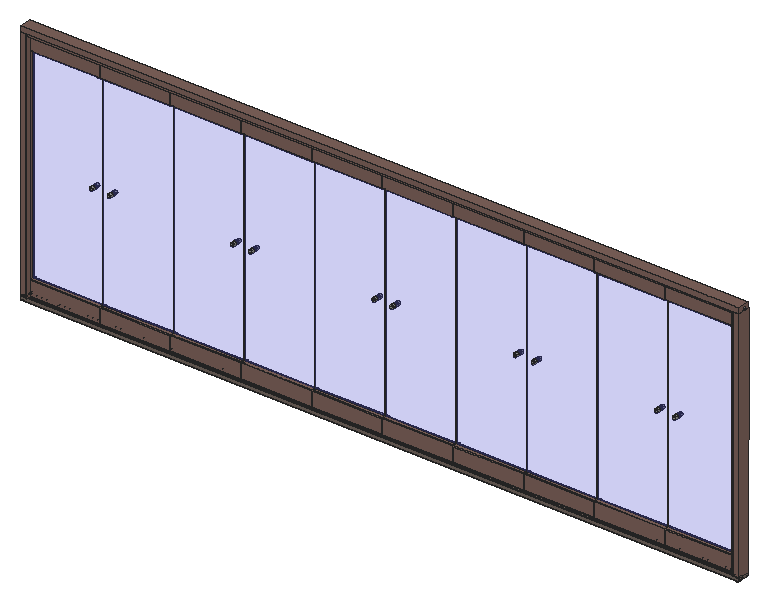
Revit family "FL10L", category Doors, host Wall, Revit 2015
Parameters (values of type "FL10L")
  Function = Interior
  Frame Projection Ext. = 25 mm
  Frame Projection Int. = 25 mm
  Frame Width = 75 mm
  Height = 2100 mm
  Wall Closure = By host
  Width = 6140 mm
Reference planes
  plane 1: y = 0
  plane 2 "Center (Left/Right)": x = 0
  plane 3 "Left": x = -3070
  plane 4 "Right": x = 3070
  plane 5: z = 2100
  plane 6 "Exterior": y = 75
  plane 7 "Interior": y = -75
  plane 8: x = -3025
  plane 9: x = 3025
  plane 10: x = -3018
  plane 11: x = 3018
  plane 12: x = -2418
  plane 13: x = -2414
  plane 14: x = -1814
  plane 15: x = -1810
  plane 16: x = -1210
  plane 17: x = -1206
  plane 18: x = -606
  plane 19: x = -602
  plane 20: x = -2
  plane 21: x = 2
  plane 22: x = 602
  plane 23: x = 606
  plane 24: x = 1206
  plane 25: x = 1210
  plane 26: x = 1810
  plane 27: x = 1814
  plane 28: x = 2414
  plane 29: x = 2418
  plane 30: x = 3018
Forms (mm)
  Extrusion 1, solid, material "Aluminium Cill (Bronze)"
    sketch origin (0, 79.18, -119.746) x (0, 1, 0) y (0, 0, 1)
      loop
        line (-26.68, 120.746) -> (-26.68, 135.746)
        arc (-26.68, 135.746) -> (-27.558, 137.867) -> (-29.68, 138.746) r 3
        line (-29.68, 138.746) -> (-40.947, 138.746)
        arc (-40.947, 138.746) -> (-42.68, 137.746) -> (-44.412, 138.746) r 2
        line (-44.412, 138.746) -> (-48.947, 138.746)
        arc (-48.947, 138.746) -> (-50.68, 137.746) -> (-52.412, 138.746) r 2
        line (-52.412, 138.746) -> (-56.947, 138.746)
        arc (-56.947, 138.746) -> (-58.68, 137.746) -> (-60.412, 138.746) r 2
        line (-60.412, 138.746) -> (-67.18, 138.746) -> (-67.18, 135.246)
        arc (-67.18, 135.246) -> (-67.619, 134.185) -> (-68.68, 133.746) r 1.5
        line (-68.68, 133.746) -> (-73.43, 133.746) -> (-73.43, 135.746) -> (-71.996, 135.746)
        arc (-71.996, 135.746) -> (-74.68, 138.746) -> (-77.363, 135.746) r 2.7
        line (-77.363, 135.746) -> (-75.93, 135.746) -> (-75.93, 133.746) -> (-80.68, 133.746)
        arc (-80.68, 133.746) -> (-81.74, 134.185) -> (-82.18, 135.246) r 1.5
        line (-82.18, 135.246) -> (-82.18, 138.746) -> (-90.432, 138.746) -> (-98.68, 138.746) -> (-98.68, 143.746)
        arc (-98.68, 143.746) -> (-99.18, 144.246) -> (-99.68, 143.746) r 0.5
        line (-99.68, 143.746) -> (-99.68, 142.734) -> (-100.88, 142.734) -> (-100.88, 150.246) -> (-99.68, 150.246) -> (-99.68, 149.246)
        arc (-99.68, 149.246) -> (-99.18, 148.746) -> (-98.68, 149.246) r 0.5
        line (-98.68, 149.246) -> (-98.68, 150.746)
        arc (-98.68, 150.746) -> (-98.972, 151.453) -> (-99.68, 151.746) r 1
        line (-99.68, 151.746) -> (-109.447, 151.746)
        arc (-109.447, 151.746) -> (-111.18, 150.746) -> (-112.912, 151.746) r 2
        line (-112.912, 151.746) -> (-117.447, 151.746)
        arc (-117.447, 151.746) -> (-119.18, 150.746) -> (-120.912, 151.746) r 2
        line (-120.912, 151.746) -> (-130.68, 151.746)
        arc (-130.68, 151.746) -> (-131.387, 151.453) -> (-131.68, 150.746) r 1
        line (-131.68, 150.746) -> (-131.68, 120.746)
        arc (-131.68, 120.746) -> (-131.387, 120.039) -> (-130.68, 119.746) r 1
        line (-130.68, 119.746) -> (-27.68, 119.746)
        arc (-27.68, 119.746) -> (-26.972, 120.039) -> (-26.68, 120.746) r 1
      loop
        line (-29.68, 137.246) -> (-40.23, 137.246)
        arc (-40.23, 137.246) -> (-42.68, 136.246) -> (-45.129, 137.246) r 3.5
        line (-45.129, 137.246) -> (-48.23, 137.246)
        arc (-48.23, 137.246) -> (-50.68, 136.246) -> (-53.129, 137.246) r 3.5
        line (-53.129, 137.246) -> (-56.23, 137.246)
        arc (-56.23, 137.246) -> (-58.68, 136.246) -> (-61.129, 137.246) r 3.5
        line (-61.129, 137.246) -> (-65.68, 137.246) -> (-65.68, 135.246)
        arc (-65.68, 135.246) -> (-66.558, 133.125) -> (-68.68, 132.246) r 3
        line (-68.68, 132.246) -> (-73.93, 132.246) -> (-73.93, 121.246) -> (-28.18, 121.246) -> (-28.18, 135.746)
        arc (-28.18, 135.746) -> (-28.619, 136.807) -> (-29.68, 137.246) r 1.5
      loop
        line (-75.43, 132.246) -> (-80.68, 132.246)
        arc (-80.68, 132.246) -> (-82.801, 133.125) -> (-83.68, 135.246) r 3
        line (-83.68, 135.246) -> (-83.68, 137.246) -> (-98.68, 137.246) -> (-98.68, 121.246) -> (-75.43, 121.246) -> (-75.43, 132.246)
      loop
        line (-100.18, 121.246) -> (-100.18, 141.246) -> (-102.38, 141.246) -> (-102.38, 150.246) -> (-108.73, 150.246)
        arc (-108.73, 150.246) -> (-111.18, 149.246) -> (-113.629, 150.246) r 3.5
        line (-113.629, 150.246) -> (-116.73, 150.246)
        arc (-116.73, 150.246) -> (-119.18, 149.246) -> (-121.629, 150.246) r 3.5
        line (-121.629, 150.246) -> (-130.18, 150.246) -> (-130.18, 121.246) -> (-100.18, 121.246)
    from -3070 to 3070
  Extrusion 2, solid, material "Meranti (Frameless)"
    sketch origin (0, 0, 0) x (0, 1, 0) y (0, 0, 1)
      loop
        line (52.5, 2100) -> (-52.5, 2100) -> (-52.5, 2055) -> (-6.5, 2055) -> (-6.5, 2075) -> (15.5, 2075) -> (15.5, 2055) -> (52.5, 2055) -> (52.5, 2100)
    from -3070 to 3070
  Extrusion 3, solid, material "Meranti (Frameless)"
    sketch origin (0, 0, 0) x (1, 0, 0) y (0, 1, 0)
      loop
        line (-3070, 52.5) -> (-3070, -52.5) -> (-3025, -52.5) -> (-3025, 24.5) -> (-3037, 24.5) -> (-3037, 52.5) -> (-3070, 52.5)
      loop
        line (3070, 52.5) -> (3037, 52.5) -> (3037, 24.5) -> (3025, 24.5) -> (3025, -52.5) -> (3070, -52.5) -> (3070, 52.5)
    from 32 to 2055
  Extrusion 4, solid, material "Meranti (Frameless)"
    sketch origin (0, 0, 0) x (1, 0, 0) y (0, 1, 0)
      loop
        line (-3070, 52.5) -> (-3070, -19.5) -> (-3025, -19.5) -> (-3025, 24.5) -> (-3037, 24.5) -> (-3037, 52.5) -> (-3070, 52.5)
      loop
        line (3070, 52.5) -> (3037, 52.5) -> (3037, 24.5) -> (3025, 24.5) -> (3025, -19.5) -> (3070, -19.5) -> (3070, 52.5)
    from 19 to 32
  Extrusion 5, solid, material "Meranti (Frameless)"
    sketch origin (0, 0, 0) x (0, 1, 0) y (0, 0, 1)
      loop
        line (-52.5, 2052) -> (-52.5, 2042) -> (-26.5, 2042) -> (-26.5, 2045.5) -> (-33.5, 2045.5) -> (-33.5, 2048.5) -> (-26.5, 2048.5) -> (-26.5, 2055) -> (-49.5, 2055) -> (-49.5, 2052) -> (-52.5, 2052)
    from -3025 to 3025
  Extrusion 6, solid, material "Meranti (Frameless)"
    sketch origin (0, 0, 0) x (1, 0, 0) y (0, 1, 0)
      loop
        line (-3022, -52.5) -> (-3012, -52.5) -> (-3012, -26.5) -> (-3015.5, -26.5) -> (-3015.5, -33.5) -> (-3018.5, -33.5) -> (-3018.5, -26.5) -> (-3025, -26.5) -> (-3025, -49.5) -> (-3022, -49.5) -> (-3022, -52.5)
      loop
        line (3022, -52.5) -> (3022, -49.5) -> (3025, -49.5) -> (3025, -26.5) -> (3018.5, -26.5) -> (3018.5, -33.5) -> (3015.5, -33.5) -> (3015.5, -26.5) -> (3012, -26.5) -> (3012, -52.5) -> (3022, -52.5)
    from 32 to 2042
  Extrusion 7, solid, material "Steel, Chrome Plated"
    sketch origin (667.231, -1.5, 0) x (0, 1, 0) y (0, 0, 1)
      loop
        line (16.5, 2075) -> (-4.5, 2075) -> (-4.5, 2055) -> (-2.3, 2055) -> (-2.3, 2072.8) -> (14.3, 2072.8) -> (14.3, 2055) -> (16.5, 2055) -> (16.5, 2075)
    from -3737.231 to 2402.769
  Extrusion 8, solid, material "Meranti (Frameless)"
    sketch origin (2108, 0, 0) x (0, 1, 0) y (0, 0, 1)
      loop
        line (24.5, 24) -> (24.5, 112) -> (13, 112) -> (13, 162) -> (-15.5, 162) -> (-20.5, 157) -> (-20.5, 37) -> (-15.5, 37) -> (-15.5, 24) -> (24.5, 24)
      loop
        line (24.5, 2050) -> (-20.5, 2050) -> (-20.5, 1917) -> (-15.5, 1912) -> (13, 1912) -> (13, 1962) -> (24.5, 1962) -> (24.5, 2050)
    from 310 to 910
  Extrusion 9, solid, material "Glass"
    sketch origin (2581.601, -93.1, -804.253) x (1, 0, 0) y (0, 0, 1)
      loop
        line (-163.601, 2766.253) -> (-163.601, 916.253) -> (436.399, 916.253) -> (436.399, 2766.253) -> (-163.601, 2766.253)
    from -116.1 to -106.1
  Extrusion 10, solid, material "Rubber, Black"
    sketch origin (2110.5, 0, 0) x (0, 1, 0) y (0, 0, 1)
      loop
        line (24.5, 112) -> (24.5, 162) -> (23, 162) -> (23, 112) -> (24.5, 112)
      loop
        line (24.5, 1912) -> (24.5, 1962) -> (23, 1962) -> (23, 1912) -> (24.5, 1912)
    from 307.5 to 907.5
  Revolve 11, solid, material "Steel, S 460"
    sketch origin (2568, 0, 0) x (0, 1, 0) y (0, 0, 1)
      loop
        line (24.5, 1941.5) -> (31.5, 1941.5) -> (31.5, 1950) -> (29.5, 1952) -> (24.5, 1952) -> (24.5, 1941.5)
      axis (31.5, 1937) -> (24.5, 1937)
    angle from 0 to 360
  Revolve 12, solid, material "Steel, S 460"
    sketch origin (2868, 0, 0) x (0, 1, 0) y (0, 0, -1)
      loop
        line (24.5, -1941.5) -> (24.5, -1952) -> (29.5, -1952) -> (31.5, -1950) -> (31.5, -1941.5) -> (24.5, -1941.5)
      axis (31.5, -1937) -> (24.5, -1937)
    angle from 0 to 360
  Revolve 13, solid, material "Steel, S 460"
    sketch origin (2568, 0, -1800) x (0, 1, 0) y (0, 0, 1)
      loop
        line (24.5, 1941.5) -> (31.5, 1941.5) -> (31.5, 1950) -> (29.5, 1952) -> (24.5, 1952) -> (24.5, 1941.5)
      axis (31.5, 1937) -> (24.5, 1937)
    angle from 0 to 360
  Revolve 14, solid, material "Steel, S 460"
    sketch origin (2868, 0, -1800) x (0, 1, 0) y (0, 0, -1)
      loop
        line (24.5, -1941.5) -> (24.5, -1952) -> (29.5, -1952) -> (31.5, -1950) -> (31.5, -1941.5) -> (24.5, -1941.5)
      axis (31.5, -1937) -> (24.5, -1937)
    angle from 0 to 360
  Extrusion 15, solid, material "Meranti (Frameless)"
    sketch origin (1504, 0, 0) x (0, 1, 0) y (0, 0, 1)
      loop
        line (24.5, 24) -> (24.5, 112) -> (13, 112) -> (13, 162) -> (-15.5, 162) -> (-20.5, 157) -> (-20.5, 37) -> (-15.5, 37) -> (-15.5, 24) -> (24.5, 24)
      loop
        line (24.5, 2050) -> (-20.5, 2050) -> (-20.5, 1917) -> (-15.5, 1912) -> (13, 1912) -> (13, 1962) -> (24.5, 1962) -> (24.5, 2050)
    from 310 to 910
  Extrusion 16, solid, material "Glass"
    sketch origin (1977.601, -93.1, -804.253) x (1, 0, 0) y (0, 0, 1)
      loop
        line (-163.601, 2766.253) -> (-163.601, 916.253) -> (436.399, 916.253) -> (436.399, 2766.253) -> (-163.601, 2766.253)
    from -116.1 to -106.1
  Extrusion 17, solid, material "Rubber, Black"
    sketch origin (1506.5, 0, 0) x (0, 1, 0) y (0, 0, 1)
      loop
        line (24.5, 112) -> (24.5, 162) -> (23, 162) -> (23, 112) -> (24.5, 112)
      loop
        line (24.5, 1912) -> (24.5, 1962) -> (23, 1962) -> (23, 1912) -> (24.5, 1912)
    from 307.5 to 907.5
  Revolve 18, solid, material "Steel, S 460"
    sketch origin (1964, 0, 0) x (0, 1, 0) y (0, 0, 1)
      loop
        line (24.5, 1941.5) -> (31.5, 1941.5) -> (31.5, 1950) -> (29.5, 1952) -> (24.5, 1952) -> (24.5, 1941.5)
      axis (31.5, 1937) -> (24.5, 1937)
    angle from 0 to 360
  Revolve 19, solid, material "Steel, S 460"
    sketch origin (2264, 0, 0) x (0, 1, 0) y (0, 0, -1)
      loop
        line (24.5, -1941.5) -> (24.5, -1952) -> (29.5, -1952) -> (31.5, -1950) -> (31.5, -1941.5) -> (24.5, -1941.5)
      axis (31.5, -1937) -> (24.5, -1937)
    angle from 0 to 360
  Revolve 20, solid, material "Steel, S 460"
    sketch origin (1964, 0, -1800) x (0, 1, 0) y (0, 0, 1)
      loop
        line (24.5, 1941.5) -> (31.5, 1941.5) -> (31.5, 1950) -> (29.5, 1952) -> (24.5, 1952) -> (24.5, 1941.5)
      axis (31.5, 1937) -> (24.5, 1937)
    angle from 0 to 360
  Revolve 21, solid, material "Steel, S 460"
    sketch origin (2264, 0, -1800) x (0, 1, 0) y (0, 0, -1)
      loop
        line (24.5, -1941.5) -> (24.5, -1952) -> (29.5, -1952) -> (31.5, -1950) -> (31.5, -1941.5) -> (24.5, -1941.5)
      axis (31.5, -1937) -> (24.5, -1937)
    angle from 0 to 360
  Extrusion 22, solid, material "Meranti (Frameless)"
    sketch origin (900, 0, 0) x (0, 1, 0) y (0, 0, 1)
      loop
        line (24.5, 24) -> (24.5, 112) -> (13, 112) -> (13, 162) -> (-15.5, 162) -> (-20.5, 157) -> (-20.5, 37) -> (-15.5, 37) -> (-15.5, 24) -> (24.5, 24)
      loop
        line (24.5, 2050) -> (-20.5, 2050) -> (-20.5, 1917) -> (-15.5, 1912) -> (13, 1912) -> (13, 1962) -> (24.5, 1962) -> (24.5, 2050)
    from 310 to 910
  Extrusion 23, solid, material "Glass"
    sketch origin (1373.601, -93.1, -804.253) x (1, 0, 0) y (0, 0, 1)
      loop
        line (-163.601, 2766.253) -> (-163.601, 916.253) -> (436.399, 916.253) -> (436.399, 2766.253) -> (-163.601, 2766.253)
    from -116.1 to -106.1
  Extrusion 24, solid, material "Rubber, Black"
    sketch origin (902.5, 0, 0) x (0, 1, 0) y (0, 0, 1)
      loop
        line (24.5, 112) -> (24.5, 162) -> (23, 162) -> (23, 112) -> (24.5, 112)
      loop
        line (24.5, 1912) -> (24.5, 1962) -> (23, 1962) -> (23, 1912) -> (24.5, 1912)
    from 307.5 to 907.5
  Revolve 25, solid, material "Steel, S 460"
    sketch origin (1360, 0, 0) x (0, 1, 0) y (0, 0, 1)
      loop
        line (24.5, 1941.5) -> (31.5, 1941.5) -> (31.5, 1950) -> (29.5, 1952) -> (24.5, 1952) -> (24.5, 1941.5)
      axis (31.5, 1937) -> (24.5, 1937)
    angle from 0 to 360
  Revolve 26, solid, material "Steel, S 460"
    sketch origin (1660, 0, 0) x (0, 1, 0) y (0, 0, -1)
      loop
        line (24.5, -1941.5) -> (24.5, -1952) -> (29.5, -1952) -> (31.5, -1950) -> (31.5, -1941.5) -> (24.5, -1941.5)
      axis (31.5, -1937) -> (24.5, -1937)
    angle from 0 to 360
  Revolve 27, solid, material "Steel, S 460"
    sketch origin (1360, 0, -1800) x (0, 1, 0) y (0, 0, 1)
      loop
        line (24.5, 1941.5) -> (31.5, 1941.5) -> (31.5, 1950) -> (29.5, 1952) -> (24.5, 1952) -> (24.5, 1941.5)
      axis (31.5, 1937) -> (24.5, 1937)
    angle from 0 to 360
  Revolve 28, solid, material "Steel, S 460"
    sketch origin (1660, 0, -1800) x (0, 1, 0) y (0, 0, -1)
      loop
        line (24.5, -1941.5) -> (24.5, -1952) -> (29.5, -1952) -> (31.5, -1950) -> (31.5, -1941.5) -> (24.5, -1941.5)
      axis (31.5, -1937) -> (24.5, -1937)
    angle from 0 to 360
  Extrusion 29, solid, material "Meranti (Frameless)"
    sketch origin (296, 0, 0) x (0, 1, 0) y (0, 0, 1)
      loop
        line (24.5, 24) -> (24.5, 112) -> (13, 112) -> (13, 162) -> (-15.5, 162) -> (-20.5, 157) -> (-20.5, 37) -> (-15.5, 37) -> (-15.5, 24) -> (24.5, 24)
      loop
        line (24.5, 2050) -> (-20.5, 2050) -> (-20.5, 1917) -> (-15.5, 1912) -> (13, 1912) -> (13, 1962) -> (24.5, 1962) -> (24.5, 2050)
    from 310 to 910
  Extrusion 30, solid, material "Glass"
    sketch origin (769.601, -93.1, -804.253) x (1, 0, 0) y (0, 0, 1)
      loop
        line (-163.601, 2766.253) -> (-163.601, 916.253) -> (436.399, 916.253) -> (436.399, 2766.253) -> (-163.601, 2766.253)
    from -116.1 to -106.1
  Extrusion 31, solid, material "Rubber, Black"
    sketch origin (298.5, 0, 0) x (0, 1, 0) y (0, 0, 1)
      loop
        line (24.5, 112) -> (24.5, 162) -> (23, 162) -> (23, 112) -> (24.5, 112)
      loop
        line (24.5, 1912) -> (24.5, 1962) -> (23, 1962) -> (23, 1912) -> (24.5, 1912)
    from 307.5 to 907.5
  Revolve 32, solid, material "Steel, S 460"
    sketch origin (756, 0, 0) x (0, 1, 0) y (0, 0, 1)
      loop
        line (24.5, 1941.5) -> (31.5, 1941.5) -> (31.5, 1950) -> (29.5, 1952) -> (24.5, 1952) -> (24.5, 1941.5)
      axis (31.5, 1937) -> (24.5, 1937)
    angle from 0 to 360
  Revolve 33, solid, material "Steel, S 460"
    sketch origin (1056, 0, 0) x (0, 1, 0) y (0, 0, -1)
      loop
        line (24.5, -1941.5) -> (24.5, -1952) -> (29.5, -1952) -> (31.5, -1950) -> (31.5, -1941.5) -> (24.5, -1941.5)
      axis (31.5, -1937) -> (24.5, -1937)
    angle from 0 to 360
  Revolve 34, solid, material "Steel, S 460"
    sketch origin (756, 0, -1800) x (0, 1, 0) y (0, 0, 1)
      loop
        line (24.5, 1941.5) -> (31.5, 1941.5) -> (31.5, 1950) -> (29.5, 1952) -> (24.5, 1952) -> (24.5, 1941.5)
      axis (31.5, 1937) -> (24.5, 1937)
    angle from 0 to 360
  Revolve 35, solid, material "Steel, S 460"
    sketch origin (1056, 0, -1800) x (0, 1, 0) y (0, 0, -1)
      loop
        line (24.5, -1941.5) -> (24.5, -1952) -> (29.5, -1952) -> (31.5, -1950) -> (31.5, -1941.5) -> (24.5, -1941.5)
      axis (31.5, -1937) -> (24.5, -1937)
    angle from 0 to 360
  Extrusion 36, solid, material "Meranti (Frameless)"
    sketch origin (-308, 0, 0) x (0, 1, 0) y (0, 0, 1)
      loop
        line (24.5, 24) -> (24.5, 112) -> (13, 112) -> (13, 162) -> (-15.5, 162) -> (-20.5, 157) -> (-20.5, 37) -> (-15.5, 37) -> (-15.5, 24) -> (24.5, 24)
      loop
        line (24.5, 2050) -> (-20.5, 2050) -> (-20.5, 1917) -> (-15.5, 1912) -> (13, 1912) -> (13, 1962) -> (24.5, 1962) -> (24.5, 2050)
    from 310 to 910
  Extrusion 37, solid, material "Glass"
    sketch origin (165.601, -93.1, -804.253) x (1, 0, 0) y (0, 0, 1)
      loop
        line (-163.601, 2766.253) -> (-163.601, 916.253) -> (436.399, 916.253) -> (436.399, 2766.253) -> (-163.601, 2766.253)
    from -116.1 to -106.1
  Extrusion 38, solid, material "Rubber, Black"
    sketch origin (-305.5, 0, 0) x (0, 1, 0) y (0, 0, 1)
      loop
        line (24.5, 112) -> (24.5, 162) -> (23, 162) -> (23, 112) -> (24.5, 112)
      loop
        line (24.5, 1912) -> (24.5, 1962) -> (23, 1962) -> (23, 1912) -> (24.5, 1912)
    from 307.5 to 907.5
  Revolve 39, solid, material "Steel, S 460"
    sketch origin (152, 0, 0) x (0, 1, 0) y (0, 0, 1)
      loop
        line (24.5, 1941.5) -> (31.5, 1941.5) -> (31.5, 1950) -> (29.5, 1952) -> (24.5, 1952) -> (24.5, 1941.5)
      axis (31.5, 1937) -> (24.5, 1937)
    angle from 0 to 360
  Revolve 40, solid, material "Steel, S 460"
    sketch origin (452, 0, 0) x (0, 1, 0) y (0, 0, -1)
      loop
        line (24.5, -1941.5) -> (24.5, -1952) -> (29.5, -1952) -> (31.5, -1950) -> (31.5, -1941.5) -> (24.5, -1941.5)
      axis (31.5, -1937) -> (24.5, -1937)
    angle from 0 to 360
  Revolve 41, solid, material "Steel, S 460"
    sketch origin (152, 0, -1800) x (0, 1, 0) y (0, 0, 1)
      loop
        line (24.5, 1941.5) -> (31.5, 1941.5) -> (31.5, 1950) -> (29.5, 1952) -> (24.5, 1952) -> (24.5, 1941.5)
      axis (31.5, 1937) -> (24.5, 1937)
    angle from 0 to 360
  Revolve 42, solid, material "Steel, S 460"
    sketch origin (452, 0, -1800) x (0, 1, 0) y (0, 0, -1)
      loop
        line (24.5, -1941.5) -> (24.5, -1952) -> (29.5, -1952) -> (31.5, -1950) -> (31.5, -1941.5) -> (24.5, -1941.5)
      axis (31.5, -1937) -> (24.5, -1937)
    angle from 0 to 360
  Extrusion 43, solid, material "Meranti (Frameless)"
    sketch origin (-912, 0, 0) x (0, 1, 0) y (0, 0, 1)
      loop
        line (24.5, 24) -> (24.5, 112) -> (13, 112) -> (13, 162) -> (-15.5, 162) -> (-20.5, 157) -> (-20.5, 37) -> (-15.5, 37) -> (-15.5, 24) -> (24.5, 24)
      loop
        line (24.5, 2050) -> (-20.5, 2050) -> (-20.5, 1917) -> (-15.5, 1912) -> (13, 1912) -> (13, 1962) -> (24.5, 1962) -> (24.5, 2050)
    from 310 to 910
  Extrusion 44, solid, material "Glass"
    sketch origin (-438.399, -93.1, -804.253) x (1, 0, 0) y (0, 0, 1)
      loop
        line (-163.601, 2766.253) -> (-163.601, 916.253) -> (436.399, 916.253) -> (436.399, 2766.253) -> (-163.601, 2766.253)
    from -116.1 to -106.1
  Extrusion 45, solid, material "Rubber, Black"
    sketch origin (-909.5, 0, 0) x (0, 1, 0) y (0, 0, 1)
      loop
        line (24.5, 112) -> (24.5, 162) -> (23, 162) -> (23, 112) -> (24.5, 112)
      loop
        line (24.5, 1912) -> (24.5, 1962) -> (23, 1962) -> (23, 1912) -> (24.5, 1912)
    from 307.5 to 907.5
  Revolve 46, solid, material "Steel, S 460"
    sketch origin (-452, 0, 0) x (0, 1, 0) y (0, 0, 1)
      loop
        line (24.5, 1941.5) -> (31.5, 1941.5) -> (31.5, 1950) -> (29.5, 1952) -> (24.5, 1952) -> (24.5, 1941.5)
      axis (31.5, 1937) -> (24.5, 1937)
    angle from 0 to 360
  Revolve 47, solid, material "Steel, S 460"
    sketch origin (-152, 0, 0) x (0, 1, 0) y (0, 0, -1)
      loop
        line (24.5, -1941.5) -> (24.5, -1952) -> (29.5, -1952) -> (31.5, -1950) -> (31.5, -1941.5) -> (24.5, -1941.5)
      axis (31.5, -1937) -> (24.5, -1937)
    angle from 0 to 360
  Revolve 48, solid, material "Steel, S 460"
    sketch origin (-452, 0, -1800) x (0, 1, 0) y (0, 0, 1)
      loop
        line (24.5, 1941.5) -> (31.5, 1941.5) -> (31.5, 1950) -> (29.5, 1952) -> (24.5, 1952) -> (24.5, 1941.5)
      axis (31.5, 1937) -> (24.5, 1937)
    angle from 0 to 360
  Revolve 49, solid, material "Steel, S 460"
    sketch origin (-152, 0, -1800) x (0, 1, 0) y (0, 0, -1)
      loop
        line (24.5, -1941.5) -> (24.5, -1952) -> (29.5, -1952) -> (31.5, -1950) -> (31.5, -1941.5) -> (24.5, -1941.5)
      axis (31.5, -1937) -> (24.5, -1937)
    angle from 0 to 360
  Extrusion 50, solid, material "Meranti (Frameless)"
    sketch origin (-1516, 0, 0) x (0, 1, 0) y (0, 0, 1)
      loop
        line (24.5, 24) -> (24.5, 112) -> (13, 112) -> (13, 162) -> (-15.5, 162) -> (-20.5, 157) -> (-20.5, 37) -> (-15.5, 37) -> (-15.5, 24) -> (24.5, 24)
      loop
        line (24.5, 2050) -> (-20.5, 2050) -> (-20.5, 1917) -> (-15.5, 1912) -> (13, 1912) -> (13, 1962) -> (24.5, 1962) -> (24.5, 2050)
    from 310 to 910
  Extrusion 51, solid, material "Glass"
    sketch origin (-1042.399, -93.1, -804.253) x (1, 0, 0) y (0, 0, 1)
      loop
        line (-163.601, 2766.253) -> (-163.601, 916.253) -> (436.399, 916.253) -> (436.399, 2766.253) -> (-163.601, 2766.253)
    from -116.1 to -106.1
  Extrusion 52, solid, material "Rubber, Black"
    sketch origin (-1513.5, 0, 0) x (0, 1, 0) y (0, 0, 1)
      loop
        line (24.5, 112) -> (24.5, 162) -> (23, 162) -> (23, 112) -> (24.5, 112)
      loop
        line (24.5, 1912) -> (24.5, 1962) -> (23, 1962) -> (23, 1912) -> (24.5, 1912)
    from 307.5 to 907.5
  Revolve 53, solid, material "Steel, S 460"
    sketch origin (-1056, 0, 0) x (0, 1, 0) y (0, 0, 1)
      loop
        line (24.5, 1941.5) -> (31.5, 1941.5) -> (31.5, 1950) -> (29.5, 1952) -> (24.5, 1952) -> (24.5, 1941.5)
      axis (31.5, 1937) -> (24.5, 1937)
    angle from 0 to 360
  Revolve 54, solid, material "Steel, S 460"
    sketch origin (-756, 0, 0) x (0, 1, 0) y (0, 0, -1)
      loop
        line (24.5, -1941.5) -> (24.5, -1952) -> (29.5, -1952) -> (31.5, -1950) -> (31.5, -1941.5) -> (24.5, -1941.5)
      axis (31.5, -1937) -> (24.5, -1937)
    angle from 0 to 360
  Revolve 55, solid, material "Steel, S 460"
    sketch origin (-1056, 0, -1800) x (0, 1, 0) y (0, 0, 1)
      loop
        line (24.5, 1941.5) -> (31.5, 1941.5) -> (31.5, 1950) -> (29.5, 1952) -> (24.5, 1952) -> (24.5, 1941.5)
      axis (31.5, 1937) -> (24.5, 1937)
    angle from 0 to 360
  Revolve 56, solid, material "Steel, S 460"
    sketch origin (-756, 0, -1800) x (0, 1, 0) y (0, 0, -1)
      loop
        line (24.5, -1941.5) -> (24.5, -1952) -> (29.5, -1952) -> (31.5, -1950) -> (31.5, -1941.5) -> (24.5, -1941.5)
      axis (31.5, -1937) -> (24.5, -1937)
    angle from 0 to 360
  Extrusion 57, solid, material "Meranti (Frameless)"
    sketch origin (-2120, 0, 0) x (0, 1, 0) y (0, 0, 1)
      loop
        line (24.5, 24) -> (24.5, 112) -> (13, 112) -> (13, 162) -> (-15.5, 162) -> (-20.5, 157) -> (-20.5, 37) -> (-15.5, 37) -> (-15.5, 24) -> (24.5, 24)
      loop
        line (24.5, 2050) -> (-20.5, 2050) -> (-20.5, 1917) -> (-15.5, 1912) -> (13, 1912) -> (13, 1962) -> (24.5, 1962) -> (24.5, 2050)
    from 310 to 910
  Extrusion 58, solid, material "Glass"
    sketch origin (-1646.399, -93.1, -804.253) x (1, 0, 0) y (0, 0, 1)
      loop
        line (-163.601, 2766.253) -> (-163.601, 916.253) -> (436.399, 916.253) -> (436.399, 2766.253) -> (-163.601, 2766.253)
    from -116.1 to -106.1
  Extrusion 59, solid, material "Rubber, Black"
    sketch origin (-2117.5, 0, 0) x (0, 1, 0) y (0, 0, 1)
      loop
        line (24.5, 112) -> (24.5, 162) -> (23, 162) -> (23, 112) -> (24.5, 112)
      loop
        line (24.5, 1912) -> (24.5, 1962) -> (23, 1962) -> (23, 1912) -> (24.5, 1912)
    from 307.5 to 907.5
  Revolve 60, solid, material "Steel, S 460"
    sketch origin (-1660, 0, 0) x (0, 1, 0) y (0, 0, 1)
      loop
        line (24.5, 1941.5) -> (31.5, 1941.5) -> (31.5, 1950) -> (29.5, 1952) -> (24.5, 1952) -> (24.5, 1941.5)
      axis (31.5, 1937) -> (24.5, 1937)
    angle from 0 to 360
  Revolve 61, solid, material "Steel, S 460"
    sketch origin (-1360, 0, 0) x (0, 1, 0) y (0, 0, -1)
      loop
        line (24.5, -1941.5) -> (24.5, -1952) -> (29.5, -1952) -> (31.5, -1950) -> (31.5, -1941.5) -> (24.5, -1941.5)
      axis (31.5, -1937) -> (24.5, -1937)
    angle from 0 to 360
  Revolve 62, solid, material "Steel, S 460"
    sketch origin (-1660, 0, -1800) x (0, 1, 0) y (0, 0, 1)
      loop
        line (24.5, 1941.5) -> (31.5, 1941.5) -> (31.5, 1950) -> (29.5, 1952) -> (24.5, 1952) -> (24.5, 1941.5)
      axis (31.5, 1937) -> (24.5, 1937)
    angle from 0 to 360
  Revolve 63, solid, material "Steel, S 460"
    sketch origin (-1360, 0, -1800) x (0, 1, 0) y (0, 0, -1)
      loop
        line (24.5, -1941.5) -> (24.5, -1952) -> (29.5, -1952) -> (31.5, -1950) -> (31.5, -1941.5) -> (24.5, -1941.5)
      axis (31.5, -1937) -> (24.5, -1937)
    angle from 0 to 360
  Extrusion 64, solid, material "Meranti (Frameless)"
    sketch origin (-2724, 0, 0) x (0, 1, 0) y (0, 0, 1)
      loop
        line (24.5, 24) -> (24.5, 112) -> (13, 112) -> (13, 162) -> (-15.5, 162) -> (-20.5, 157) -> (-20.5, 37) -> (-15.5, 37) -> (-15.5, 24) -> (24.5, 24)
      loop
        line (24.5, 2050) -> (-20.5, 2050) -> (-20.5, 1917) -> (-15.5, 1912) -> (13, 1912) -> (13, 1962) -> (24.5, 1962) -> (24.5, 2050)
    from 310 to 910
  Extrusion 65, solid, material "Glass"
    sketch origin (-2250.399, -93.1, -804.253) x (1, 0, 0) y (0, 0, 1)
      loop
        line (-163.601, 2766.253) -> (-163.601, 916.253) -> (436.399, 916.253) -> (436.399, 2766.253) -> (-163.601, 2766.253)
    from -116.1 to -106.1
  Extrusion 66, solid, material "Rubber, Black"
    sketch origin (-2721.5, 0, 0) x (0, 1, 0) y (0, 0, 1)
      loop
        line (24.5, 112) -> (24.5, 162) -> (23, 162) -> (23, 112) -> (24.5, 112)
      loop
        line (24.5, 1912) -> (24.5, 1962) -> (23, 1962) -> (23, 1912) -> (24.5, 1912)
    from 307.5 to 907.5
  Revolve 67, solid, material "Steel, S 460"
    sketch origin (-2264, 0, 0) x (0, 1, 0) y (0, 0, 1)
      loop
        line (24.5, 1941.5) -> (31.5, 1941.5) -> (31.5, 1950) -> (29.5, 1952) -> (24.5, 1952) -> (24.5, 1941.5)
      axis (31.5, 1937) -> (24.5, 1937)
    angle from 0 to 360
  Revolve 68, solid, material "Steel, S 460"
    sketch origin (-1964, 0, 0) x (0, 1, 0) y (0, 0, -1)
      loop
        line (24.5, -1941.5) -> (24.5, -1952) -> (29.5, -1952) -> (31.5, -1950) -> (31.5, -1941.5) -> (24.5, -1941.5)
      axis (31.5, -1937) -> (24.5, -1937)
    angle from 0 to 360
  Revolve 69, solid, material "Steel, S 460"
    sketch origin (-2264, 0, -1800) x (0, 1, 0) y (0, 0, 1)
      loop
        line (24.5, 1941.5) -> (31.5, 1941.5) -> (31.5, 1950) -> (29.5, 1952) -> (24.5, 1952) -> (24.5, 1941.5)
      axis (31.5, 1937) -> (24.5, 1937)
    angle from 0 to 360
  Revolve 70, solid, material "Steel, S 460"
    sketch origin (-1964, 0, -1800) x (0, 1, 0) y (0, 0, -1)
      loop
        line (24.5, -1941.5) -> (24.5, -1952) -> (29.5, -1952) -> (31.5, -1950) -> (31.5, -1941.5) -> (24.5, -1941.5)
      axis (31.5, -1937) -> (24.5, -1937)
    angle from 0 to 360
  Extrusion 71, solid, material "Meranti (Frameless)"
    sketch origin (-3328, 0, 0) x (0, 1, 0) y (0, 0, 1)
      loop
        line (24.5, 24) -> (24.5, 112) -> (13, 112) -> (13, 162) -> (-15.5, 162) -> (-20.5, 157) -> (-20.5, 37) -> (-15.5, 37) -> (-15.5, 24) -> (24.5, 24)
      loop
        line (24.5, 2050) -> (-20.5, 2050) -> (-20.5, 1917) -> (-15.5, 1912) -> (13, 1912) -> (13, 1962) -> (24.5, 1962) -> (24.5, 2050)
    from 310 to 910
  Extrusion 72, solid, material "Glass"
    sketch origin (-2854.399, -93.1, -804.253) x (1, 0, 0) y (0, 0, 1)
      loop
        line (-163.601, 2766.253) -> (-163.601, 916.253) -> (436.399, 916.253) -> (436.399, 2766.253) -> (-163.601, 2766.253)
    from -116.1 to -106.1
  Extrusion 73, solid, material "Rubber, Black"
    sketch origin (-3325.5, 0, 0) x (0, 1, 0) y (0, 0, 1)
      loop
        line (24.5, 112) -> (24.5, 162) -> (23, 162) -> (23, 112) -> (24.5, 112)
      loop
        line (24.5, 1912) -> (24.5, 1962) -> (23, 1962) -> (23, 1912) -> (24.5, 1912)
    from 307.5 to 907.5
  Revolve 74, solid, material "Steel, S 460"
    sketch origin (-2868, 0, 0) x (0, 1, 0) y (0, 0, 1)
      loop
        line (24.5, 1941.5) -> (31.5, 1941.5) -> (31.5, 1950) -> (29.5, 1952) -> (24.5, 1952) -> (24.5, 1941.5)
      axis (31.5, 1937) -> (24.5, 1937)
    angle from 0 to 360
  Revolve 75, solid, material "Steel, S 460"
    sketch origin (-2568, 0, 0) x (0, 1, 0) y (0, 0, -1)
      loop
        line (24.5, -1941.5) -> (24.5, -1952) -> (29.5, -1952) -> (31.5, -1950) -> (31.5, -1941.5) -> (24.5, -1941.5)
      axis (31.5, -1937) -> (24.5, -1937)
    angle from 0 to 360
  Revolve 76, solid, material "Steel, S 460"
    sketch origin (-2868, 0, -1800) x (0, 1, 0) y (0, 0, 1)
      loop
        line (24.5, 1941.5) -> (31.5, 1941.5) -> (31.5, 1950) -> (29.5, 1952) -> (24.5, 1952) -> (24.5, 1941.5)
      axis (31.5, 1937) -> (24.5, 1937)
    angle from 0 to 360
  Revolve 77, solid, material "Steel, S 460"
    sketch origin (-2568, 0, -1800) x (0, 1, 0) y (0, 0, -1)
      loop
        line (24.5, -1941.5) -> (24.5, -1952) -> (29.5, -1952) -> (31.5, -1950) -> (31.5, -1941.5) -> (24.5, -1941.5)
      axis (31.5, -1937) -> (24.5, -1937)
    angle from 0 to 360
  Revolve 78, solid, material "Steel, Chrome Plated"
    sketch origin (2493, -128.249, 10.323) x (0, 1, 0) y (0, 0, 1)
      loop
        line (151.249, 1026.677) -> (181.249, 1026.677) -> (181.249, 1040.677) -> (180.249, 1041.677) -> (164.249, 1041.677) -> (159.249, 1036.677) -> (154.249, 1041.677) -> (151.249, 1041.677) -> (151.249, 1026.677)
      axis (181.249, 1026.677) -> (151.249, 1026.677)
    angle from 0 to 360
  Revolve 79, solid, material "Steel, Chrome Plated"
    sketch origin (2493, 164.249, 10.323) x (0, -1, 0) y (0, 0, -1)
      loop
        line (151.249, -1026.677) -> (151.249, -1041.677) -> (154.249, -1041.677) -> (159.249, -1036.677) -> (164.249, -1041.677) -> (180.249, -1041.677) -> (181.249, -1040.677) -> (181.249, -1026.677) -> (151.249, -1026.677)
      axis (181.249, -1026.677) -> (151.249, -1026.677)
    angle from 0 to 360
  Revolve 80, solid, material "Steel, Chrome Plated"
    sketch origin (2339, -128.249, 10.323) x (0, 1, 0) y (0, 0, -1)
      loop
        line (151.249, -1026.677) -> (151.249, -1041.677) -> (154.249, -1041.677) -> (159.249, -1036.677) -> (164.249, -1041.677) -> (180.249, -1041.677) -> (181.249, -1040.677) -> (181.249, -1026.677) -> (151.249, -1026.677)
      axis (181.249, -1026.677) -> (151.249, -1026.677)
    angle from 0 to 360
  Revolve 81, solid, material "Steel, Chrome Plated"
    sketch origin (2339, 164.249, 10.323) x (0, -1, 0) y (0, 0, 1)
      loop
        line (151.249, 1026.677) -> (181.249, 1026.677) -> (181.249, 1040.677) -> (180.249, 1041.677) -> (164.249, 1041.677) -> (159.249, 1036.677) -> (154.249, 1041.677) -> (151.249, 1041.677) -> (151.249, 1026.677)
      axis (181.249, 1026.677) -> (151.249, 1026.677)
    angle from 0 to 360
  Revolve 82, solid, material "Steel, Chrome Plated"
    sketch origin (1285, -128.249, 10.323) x (0, 1, 0) y (0, 0, 1)
      loop
        line (151.249, 1026.677) -> (181.249, 1026.677) -> (181.249, 1040.677) -> (180.249, 1041.677) -> (164.249, 1041.677) -> (159.249, 1036.677) -> (154.249, 1041.677) -> (151.249, 1041.677) -> (151.249, 1026.677)
      axis (181.249, 1026.677) -> (151.249, 1026.677)
    angle from 0 to 360
  Revolve 83, solid, material "Steel, Chrome Plated"
    sketch origin (1285, 164.249, 10.323) x (0, -1, 0) y (0, 0, -1)
      loop
        line (151.249, -1026.677) -> (151.249, -1041.677) -> (154.249, -1041.677) -> (159.249, -1036.677) -> (164.249, -1041.677) -> (180.249, -1041.677) -> (181.249, -1040.677) -> (181.249, -1026.677) -> (151.249, -1026.677)
      axis (181.249, -1026.677) -> (151.249, -1026.677)
    angle from 0 to 360
  Revolve 84, solid, material "Steel, Chrome Plated"
    sketch origin (1131, -128.249, 10.323) x (0, 1, 0) y (0, 0, -1)
      loop
        line (151.249, -1026.677) -> (151.249, -1041.677) -> (154.249, -1041.677) -> (159.249, -1036.677) -> (164.249, -1041.677) -> (180.249, -1041.677) -> (181.249, -1040.677) -> (181.249, -1026.677) -> (151.249, -1026.677)
      axis (181.249, -1026.677) -> (151.249, -1026.677)
    angle from 0 to 360
  Revolve 85, solid, material "Steel, Chrome Plated"
    sketch origin (1131, 164.249, 10.323) x (0, -1, 0) y (0, 0, 1)
      loop
        line (151.249, 1026.677) -> (181.249, 1026.677) -> (181.249, 1040.677) -> (180.249, 1041.677) -> (164.249, 1041.677) -> (159.249, 1036.677) -> (154.249, 1041.677) -> (151.249, 1041.677) -> (151.249, 1026.677)
      axis (181.249, 1026.677) -> (151.249, 1026.677)
    angle from 0 to 360
  Revolve 86, solid, material "Steel, Chrome Plated"
    sketch origin (77, -128.249, 10.323) x (0, 1, 0) y (0, 0, 1)
      loop
        line (151.249, 1026.677) -> (181.249, 1026.677) -> (181.249, 1040.677) -> (180.249, 1041.677) -> (164.249, 1041.677) -> (159.249, 1036.677) -> (154.249, 1041.677) -> (151.249, 1041.677) -> (151.249, 1026.677)
      axis (181.249, 1026.677) -> (151.249, 1026.677)
    angle from 0 to 360
  Revolve 87, solid, material "Steel, Chrome Plated"
    sketch origin (77, 164.249, 10.323) x (0, -1, 0) y (0, 0, -1)
      loop
        line (151.249, -1026.677) -> (151.249, -1041.677) -> (154.249, -1041.677) -> (159.249, -1036.677) -> (164.249, -1041.677) -> (180.249, -1041.677) -> (181.249, -1040.677) -> (181.249, -1026.677) -> (151.249, -1026.677)
      axis (181.249, -1026.677) -> (151.249, -1026.677)
    angle from 0 to 360
  Revolve 88, solid, material "Steel, Chrome Plated"
    sketch origin (-77, -128.249, 10.323) x (0, 1, 0) y (0, 0, -1)
      loop
        line (151.249, -1026.677) -> (151.249, -1041.677) -> (154.249, -1041.677) -> (159.249, -1036.677) -> (164.249, -1041.677) -> (180.249, -1041.677) -> (181.249, -1040.677) -> (181.249, -1026.677) -> (151.249, -1026.677)
      axis (181.249, -1026.677) -> (151.249, -1026.677)
    angle from 0 to 360
  Revolve 89, solid, material "Steel, Chrome Plated"
    sketch origin (-77, 164.249, 10.323) x (0, -1, 0) y (0, 0, 1)
      loop
        line (151.249, 1026.677) -> (181.249, 1026.677) -> (181.249, 1040.677) -> (180.249, 1041.677) -> (164.249, 1041.677) -> (159.249, 1036.677) -> (154.249, 1041.677) -> (151.249, 1041.677) -> (151.249, 1026.677)
      axis (181.249, 1026.677) -> (151.249, 1026.677)
    angle from 0 to 360
  Revolve 90, solid, material "Steel, Chrome Plated"
    sketch origin (-1131, -128.249, 10.323) x (0, 1, 0) y (0, 0, 1)
      loop
        line (151.249, 1026.677) -> (181.249, 1026.677) -> (181.249, 1040.677) -> (180.249, 1041.677) -> (164.249, 1041.677) -> (159.249, 1036.677) -> (154.249, 1041.677) -> (151.249, 1041.677) -> (151.249, 1026.677)
      axis (181.249, 1026.677) -> (151.249, 1026.677)
    angle from 0 to 360
  Revolve 91, solid, material "Steel, Chrome Plated"
    sketch origin (-1131, 164.249, 10.323) x (0, -1, 0) y (0, 0, -1)
      loop
        line (151.249, -1026.677) -> (151.249, -1041.677) -> (154.249, -1041.677) -> (159.249, -1036.677) -> (164.249, -1041.677) -> (180.249, -1041.677) -> (181.249, -1040.677) -> (181.249, -1026.677) -> (151.249, -1026.677)
      axis (181.249, -1026.677) -> (151.249, -1026.677)
    angle from 0 to 360
  Revolve 92, solid, material "Steel, Chrome Plated"
    sketch origin (-1285, -128.249, 10.323) x (0, 1, 0) y (0, 0, -1)
      loop
        line (151.249, -1026.677) -> (151.249, -1041.677) -> (154.249, -1041.677) -> (159.249, -1036.677) -> (164.249, -1041.677) -> (180.249, -1041.677) -> (181.249, -1040.677) -> (181.249, -1026.677) -> (151.249, -1026.677)
      axis (181.249, -1026.677) -> (151.249, -1026.677)
    angle from 0 to 360
  Revolve 93, solid, material "Steel, Chrome Plated"
    sketch origin (-1285, 164.249, 10.323) x (0, -1, 0) y (0, 0, 1)
      loop
        line (151.249, 1026.677) -> (181.249, 1026.677) -> (181.249, 1040.677) -> (180.249, 1041.677) -> (164.249, 1041.677) -> (159.249, 1036.677) -> (154.249, 1041.677) -> (151.249, 1041.677) -> (151.249, 1026.677)
      axis (181.249, 1026.677) -> (151.249, 1026.677)
    angle from 0 to 360
  Revolve 94, solid, material "Steel, Chrome Plated"
    sketch origin (-2339, -128.249, 10.323) x (0, 1, 0) y (0, 0, 1)
      loop
        line (151.249, 1026.677) -> (181.249, 1026.677) -> (181.249, 1040.677) -> (180.249, 1041.677) -> (164.249, 1041.677) -> (159.249, 1036.677) -> (154.249, 1041.677) -> (151.249, 1041.677) -> (151.249, 1026.677)
      axis (181.249, 1026.677) -> (151.249, 1026.677)
    angle from 0 to 360
  Revolve 95, solid, material "Steel, Chrome Plated"
    sketch origin (-2339, 164.249, 10.323) x (0, -1, 0) y (0, 0, -1)
      loop
        line (151.249, -1026.677) -> (151.249, -1041.677) -> (154.249, -1041.677) -> (159.249, -1036.677) -> (164.249, -1041.677) -> (180.249, -1041.677) -> (181.249, -1040.677) -> (181.249, -1026.677) -> (151.249, -1026.677)
      axis (181.249, -1026.677) -> (151.249, -1026.677)
    angle from 0 to 360
  Revolve 96, solid, material "Steel, Chrome Plated"
    sketch origin (-2493, -128.249, 10.323) x (0, 1, 0) y (0, 0, -1)
      loop
        line (151.249, -1026.677) -> (151.249, -1041.677) -> (154.249, -1041.677) -> (159.249, -1036.677) -> (164.249, -1041.677) -> (180.249, -1041.677) -> (181.249, -1040.677) -> (181.249, -1026.677) -> (151.249, -1026.677)
      axis (181.249, -1026.677) -> (151.249, -1026.677)
    angle from 0 to 360
  Revolve 97, solid, material "Steel, Chrome Plated"
    sketch origin (-2493, 164.249, 10.323) x (0, -1, 0) y (0, 0, 1)
      loop
        line (151.249, 1026.677) -> (181.249, 1026.677) -> (181.249, 1040.677) -> (180.249, 1041.677) -> (164.249, 1041.677) -> (159.249, 1036.677) -> (154.249, 1041.677) -> (151.249, 1041.677) -> (151.249, 1026.677)
      axis (181.249, 1026.677) -> (151.249, 1026.677)
    angle from 0 to 360
Cuts and joins
  joined: Extrusion 3, Extrusion 4
Lines and regions (mm)
  Opening 1
    outline origin (-3050, -75, 0) x (1, 0, 0) y (0, 0, 1)
      loop
        line (-20, 0) -> (6120, 0) -> (6120, 2100) -> (-20, 2100) -> (-20, 0)
  model lines
    curve 1: line (2546.802, 75, 1050) -> (2721.802, 75, 1050)
    curve 2: line (2860.879, 75, 1050) -> (2721.802, 75, 1106.191)
    curve 3: line (2721.802, 75, 1106.191) -> (2721.802, 75, 993.809)
    curve 4: line (2860.879, 75, 1050) -> (2721.802, 75, 993.809)
    curve 5: line (1942.802, 75, 1050) -> (2117.802, 75, 1050)
    curve 6: line (2256.879, 75, 1050) -> (2117.802, 75, 1106.191)
    curve 7: line (2117.802, 75, 1106.191) -> (2117.802, 75, 993.809)
    curve 8: line (2256.879, 75, 1050) -> (2117.802, 75, 993.809)
    curve 9: line (1338.802, 75, 1050) -> (1513.802, 75, 1050)
    curve 10: line (1652.879, 75, 1050) -> (1513.802, 75, 1106.191)
    curve 11: line (1513.802, 75, 1106.191) -> (1513.802, 75, 993.809)
    curve 12: line (1652.879, 75, 1050) -> (1513.802, 75, 993.809)
    curve 13: line (734.302, 75, 1050) -> (909.302, 75, 1050)
    curve 14: line (1048.379, 75, 1050) -> (909.302, 75, 1106.191)
    curve 15: line (909.302, 75, 1106.191) -> (909.302, 75, 993.809)
    curve 16: line (1048.379, 75, 1050) -> (909.302, 75, 993.809)
    curve 17: line (130.302, 75, 1050) -> (305.302, 75, 1050)
    curve 18: line (444.379, 75, 1050) -> (305.302, 75, 1106.191)
    curve 19: line (305.302, 75, 1106.191) -> (305.302, 75, 993.809)
    curve 20: line (444.379, 75, 1050) -> (305.302, 75, 993.809)
    curve 21: line (-2546.802, 75, 1050) -> (-2721.802, 75, 1050)
    curve 22: line (-2860.879, 75, 1050) -> (-2721.802, 75, 1106.191)
    curve 23: line (-2721.802, 75, 1106.191) -> (-2721.802, 75, 993.809)
    curve 24: line (-2860.879, 75, 1050) -> (-2721.802, 75, 993.809)
    curve 25: line (-1942.802, 75, 1050) -> (-2117.802, 75, 1050)
    curve 26: line (-2256.879, 75, 1050) -> (-2117.802, 75, 1106.191)
    curve 27: line (-2117.802, 75, 1106.191) -> (-2117.802, 75, 993.809)
    curve 28: line (-2256.879, 75, 1050) -> (-2117.802, 75, 993.809)
    curve 29: line (-1338.802, 75, 1050) -> (-1513.802, 75, 1050)
    curve 30: line (-1652.879, 75, 1050) -> (-1513.802, 75, 1106.191)
    curve 31: line (-1513.802, 75, 1106.191) -> (-1513.802, 75, 993.809)
    curve 32: line (-1652.879, 75, 1050) -> (-1513.802, 75, 993.809)
    curve 33: line (-734.302, 75, 1050) -> (-909.302, 75, 1050)
    curve 34: line (-1048.379, 75, 1050) -> (-909.302, 75, 1106.191)
    curve 35: line (-909.302, 75, 1106.191) -> (-909.302, 75, 993.809)
    curve 36: line (-1048.379, 75, 1050) -> (-909.302, 75, 993.809)
    curve 37: line (-130.302, 75, 1050) -> (-305.302, 75, 1050)
    curve 38: line (-444.379, 75, 1050) -> (-305.302, 75, 1106.191)
    curve 39: line (-305.302, 75, 1106.191) -> (-305.302, 75, 993.809)
    curve 40: line (-444.379, 75, 1050) -> (-305.302, 75, 993.809)
    curve 41: line (-3020, 24.5, 0) -> (-2814.788, 588.316, 0)
    curve 42: line (-2814.788, 588.316, 0) -> (-2772.502, 572.925, 0)
    curve 43: line (-2772.502, 572.925, 0) -> (-2977.714, 9.109, 0)
    curve 44: line (-2524.782, 23.892, 0) -> (-2730.216, 588.316, 0)
    curve 45: line (-2730.216, 588.316, 0) -> (-2772.502, 572.925, 0)
    curve 46: line (-2772.502, 572.925, 0) -> (-2567.29, 9.109, 0)
    curve 47: line (-2524.782, 23.892, 0) -> (-2319.349, 588.316, 0)
    curve 48: line (-2319.349, 588.316, 0) -> (-2277.063, 572.925, 0)
    curve 49: line (-2277.063, 572.925, 0) -> (-2482.275, 9.109, 0)
    curve 50: line (-2029.343, 23.892, 0) -> (-1823.91, 588.316, 0)
    curve 51: line (-1823.91, 588.316, 0) -> (-1781.624, 572.925, 0)
    curve 52: line (-1781.624, 572.925, 0) -> (-1986.836, 9.109, 0)
    curve 53: line (-2029.343, 23.892, 0) -> (-2234.777, 588.316, 0)
    curve 54: line (-2234.777, 588.316, 0) -> (-2277.063, 572.925, 0)
    curve 55: line (-2277.063, 572.925, 0) -> (-2071.851, 9.109, 0)
    curve 56: line (3020, 24.5, 0) -> (2814.788, 588.316, 0)
    curve 57: line (2814.788, 588.316, 0) -> (2772.502, 572.925, 0)
    curve 58: line (2772.502, 572.925, 0) -> (2977.714, 9.109, 0)
    curve 59: line (2524.782, 23.892, 0) -> (2730.216, 588.316, 0)
    curve 60: line (2730.216, 588.316, 0) -> (2772.502, 572.925, 0)
    curve 61: line (2772.502, 572.925, 0) -> (2567.29, 9.109, 0)
    curve 62: line (2524.782, 23.892, 0) -> (2319.349, 588.316, 0)
    curve 63: line (2319.349, 588.316, 0) -> (2277.063, 572.925, 0)
    curve 64: line (2277.063, 572.925, 0) -> (2482.275, 9.109, 0)
    curve 65: line (2029.343, 23.892, 0) -> (1823.91, 588.316, 0)
    curve 66: line (1823.91, 588.316, 0) -> (1781.624, 572.925, 0)
    curve 67: line (1781.624, 572.925, 0) -> (1986.836, 9.109, 0)
    curve 68: line (2029.343, 23.892, 0) -> (2234.777, 588.316, 0)
    curve 69: line (2234.777, 588.316, 0) -> (2277.063, 572.925, 0)
    curve 70: line (2277.063, 572.925, 0) -> (2071.851, 9.109, 0)
Text (mm)
  text "Exterior" at (-2295.016, 1099.543, 0), in view "Ref. Level"
  text "Exterior" at (0, 1615.38, 3698.081), in view "Left"
  text "Exterior" at (0, 1036.032, 3874.932), in view "Right"
Dimensions and locks
  equal spacing: plane 3 "Left", plane 2 "Center (Left/Right)", plane 4 "Right"
  "Width": plane 3 "Left" to plane 4 "Right"
  "Height": plane 5 to host wall
  host wall to plane 5 = 2100 mm  (x2)
  locked: plane 6 "Exterior" to host wall at 0
  locked: plane 7 "Interior" to host wall
  plane 3 "Left" to plane 4 "Right" = 6140 mm
  aligned and locked: plane 3 "Left" to Opening 1 sketch curve
  aligned and locked: plane 5 to Opening 1 sketch curve  (x2)
  aligned and locked: Opening 1 sketch curve to plane 4 "Right"
  aligned and locked: Opening 1 sketch curve to level
  aligned and locked: host wall to plane 1
  aligned and locked: Extrusion 1 to host wall  (x2)
  aligned and locked: Extrusion 2 to host wall  (x2)
  aligned and locked: Extrusion 4 to Extrusion 1  (x2)
  aligned and locked: Extrusion 3 to Extrusion 1
  aligned and locked: Extrusion 3 to Extrusion 2
  aligned and locked: Extrusion 6 to Extrusion 1
  aligned and locked: Extrusion 6 to Extrusion 5
  aligned and locked: Extrusion 8 to Extrusion 10  (x2)
  aligned and locked: Extrusion 15 to Extrusion 17  (x2)
  aligned and locked: Extrusion 22 to Extrusion 24  (x2)
  aligned and locked: Extrusion 29 to Extrusion 31  (x2)
  aligned and locked: Extrusion 36 to Extrusion 38  (x2)
  aligned and locked: Extrusion 43 to Extrusion 45  (x2)
  aligned and locked: Extrusion 50 to Extrusion 52  (x2)
  aligned and locked: Extrusion 57 to Extrusion 59  (x2)
  aligned and locked: Extrusion 64 to Extrusion 66  (x2)
  aligned and locked: Extrusion 71 to Extrusion 73  (x2)
Automatic sketch dimensions
  Extrusion 6 sketch curve to plane 8 = 0 mm
  Extrusion 6 sketch curve to plane 9 = 0 mm
  Extrusion 6 sketch curve to Extrusion 6 sketch curve = 3 mm  (x4)
  Extrusion 6 sketch curve to plane 10 = 0.5 mm
  plane 10 to Extrusion 6 sketch curve = 2.5 mm
  plane 10 to Extrusion 6 sketch curve = 6 mm
  plane 11 to Extrusion 6 sketch curve = 6 mm
  plane 11 to Extrusion 6 sketch curve = 2.5 mm
  Extrusion 6 sketch curve to plane 11 = 0.5 mm
  Extrusion 6 sketch curve to host wall = 22.5 mm  (x2)
  Extrusion 6 sketch curve to Extrusion 6 sketch curve = 16 mm  (x2)
  Extrusion 6 sketch curve to Extrusion 6 sketch curve = 7 mm  (x2)
  Extrusion 6 sketch curve to Extrusion 6 sketch curve = 0 mm  (x2)
  plane 10 to curve 22 = 157.121 mm
  curve 22 to curve 23 = 139.078 mm
  plane 13 to curve 28 = 157.121 mm
  curve 26 to curve 28 = 139.078 mm
  plane 15 to curve 32 = 157.121 mm
  curve 30 to curve 31 = 139.078 mm
  plane 17 to curve 36 = 157.621 mm
  curve 34 to curve 35 = 139.078 mm
  plane 19 to curve 40 = 157.621 mm
  curve 38 to curve 39 = 139.078 mm
  curve 19 to plane 22 = 296.698 mm
  curve 17 to curve 20 = 139.078 mm
  curve 15 to plane 24 = 296.698 mm
  curve 13 to curve 16 = 139.078 mm
  curve 11 to plane 26 = 296.198 mm
  curve 9 to curve 10 = 139.078 mm
  curve 7 to plane 28 = 296.198 mm
  curve 5 to curve 6 = 139.078 mm
  plane 11 to curve 3 = 296.198 mm
  curve 1 to curve 2 = 139.078 mm
  level to curve 40 = 993.809 mm
  level to curve 27 = 993.809 mm
  curve 31 to curve 27 = 0 mm
  curve 24 to curve 27 = 0 mm
  level to curve 3 = 993.809 mm
  curve 20 to curve 39 = 0 mm
  curve 16 to curve 19 = 0 mm
  curve 7 to curve 3 = 0 mm
  curve 35 to curve 39 = 0 mm
  curve 12 to curve 7 = 0 mm
  curve 11 to curve 10 = 56.191 mm
  curve 15 to curve 14 = 56.191 mm
  curve 35 to curve 36 = 56.191 mm
  curve 7 to curve 8 = 56.191 mm
  curve 39 to curve 38 = 56.191 mm
  curve 19 to curve 18 = 56.191 mm
  curve 23 to curve 22 = 56.191 mm
  curve 3 to curve 4 = 56.191 mm
  curve 27 to curve 26 = 56.191 mm
  curve 31 to curve 32 = 56.191 mm
  curve 31 to curve 31 = 112.382 mm
  curve 27 to curve 27 = 112.382 mm
  curve 23 to curve 23 = 112.382 mm
  curve 19 to curve 19 = 112.382 mm
  curve 35 to curve 34 = 112.382 mm
  curve 15 to curve 15 = 112.382 mm
  curve 11 to curve 11 = 112.382 mm
  curve 7 to curve 7 = 112.382 mm
  curve 39 to curve 38 = 112.382 mm
  curve 3 to curve 3 = 112.382 mm
  curve 21 to plane 12 = 128.802 mm
  curve 25 to plane 14 = 128.802 mm
  curve 29 to plane 16 = 128.802 mm
  curve 33 to plane 18 = 128.302 mm
  curve 37 to plane 20 = 128.302 mm
  plane 21 to curve 17 = 128.302 mm
  plane 23 to curve 13 = 128.302 mm
  plane 25 to curve 9 = 128.802 mm
  plane 27 to curve 5 = 128.802 mm
  plane 29 to curve 1 = 128.802 mm
  curve 9 to curve 10 = 56.191 mm
  curve 13 to curve 14 = 56.191 mm
  curve 37 to curve 38 = 56.191 mm
  curve 17 to curve 18 = 56.191 mm
  curve 33 to curve 34 = 56.191 mm
  curve 5 to curve 6 = 56.191 mm
  curve 21 to curve 22 = 56.191 mm
  curve 25 to curve 26 = 56.191 mm
  curve 1 to curve 2 = 56.191 mm
  curve 29 to curve 30 = 56.191 mm
  Revolve 13 sketch curve to host wall = 24.5 mm
  Revolve 13 sketch curve to Revolve 13 sketch curve = 5 mm
  Revolve 13 sketch curve to Revolve 13 sketch curve = 2 mm  (x2)
  level to Revolve 13 sketch curve = 141.5 mm
  Revolve 13 sketch curve to Revolve 13 sketch curve = 8.5 mm
  Revolve 13 sketch curve to Revolve 13 sketch curve = 6.469 mm
  Revolve 13 sketch curve to Revolve 13 sketch curve = 5.515 mm
  Revolve 13 sketch curve to Revolve 13 sketch curve = 4.5 mm
  Revolve 14 sketch curve to host wall = 24.5 mm
  Revolve 14 sketch curve to Revolve 14 sketch curve = 5 mm
  Revolve 14 sketch curve to Revolve 14 sketch curve = 2 mm  (x2)
  level to Revolve 14 sketch curve = 152 mm
  Revolve 14 sketch curve to Revolve 14 sketch curve = 8.5 mm
  Revolve 14 sketch curve to Revolve 14 sketch curve = 6.469 mm
  Revolve 14 sketch curve to Revolve 14 sketch curve = 5.515 mm
  Revolve 14 sketch curve to Revolve 14 sketch curve = 4.5 mm
  Revolve 20 sketch curve to host wall = 24.5 mm
  Revolve 20 sketch curve to Revolve 20 sketch curve = 5 mm
  Revolve 20 sketch curve to Revolve 20 sketch curve = 2 mm  (x2)
  level to Revolve 20 sketch curve = 141.5 mm
  Revolve 20 sketch curve to Revolve 20 sketch curve = 8.5 mm
  Revolve 20 sketch curve to Revolve 20 sketch curve = 6.469 mm
  Revolve 20 sketch curve to Revolve 20 sketch curve = 5.515 mm
  Revolve 20 sketch curve to Revolve 20 sketch curve = 4.5 mm
  Revolve 21 sketch curve to host wall = 24.5 mm
  Revolve 21 sketch curve to Revolve 21 sketch curve = 5 mm
  Revolve 21 sketch curve to Revolve 21 sketch curve = 2 mm  (x2)
  level to Revolve 21 sketch curve = 152 mm
  Revolve 21 sketch curve to Revolve 21 sketch curve = 8.5 mm
  Revolve 21 sketch curve to Revolve 21 sketch curve = 6.469 mm
  Revolve 21 sketch curve to Revolve 21 sketch curve = 5.515 mm
  Revolve 21 sketch curve to Revolve 21 sketch curve = 4.5 mm
  Revolve 27 sketch curve to host wall = 24.5 mm
  Revolve 27 sketch curve to Revolve 27 sketch curve = 5 mm
  Revolve 27 sketch curve to Revolve 27 sketch curve = 2 mm  (x2)
  level to Revolve 27 sketch curve = 141.5 mm
  Revolve 27 sketch curve to Revolve 27 sketch curve = 8.5 mm
  Revolve 27 sketch curve to Revolve 27 sketch curve = 6.469 mm
  Revolve 27 sketch curve to Revolve 27 sketch curve = 5.515 mm
  Revolve 27 sketch curve to Revolve 27 sketch curve = 4.5 mm
  Revolve 28 sketch curve to host wall = 24.5 mm
  Revolve 28 sketch curve to Revolve 28 sketch curve = 5 mm
  Revolve 28 sketch curve to Revolve 28 sketch curve = 2 mm  (x2)
  level to Revolve 28 sketch curve = 152 mm
  Revolve 28 sketch curve to Revolve 28 sketch curve = 8.5 mm
  Revolve 28 sketch curve to Revolve 28 sketch curve = 6.469 mm
  Revolve 28 sketch curve to Revolve 28 sketch curve = 5.515 mm
  Revolve 28 sketch curve to Revolve 28 sketch curve = 4.5 mm
  Revolve 34 sketch curve to host wall = 24.5 mm
  Revolve 34 sketch curve to Revolve 34 sketch curve = 5 mm
  Revolve 34 sketch curve to Revolve 34 sketch curve = 2 mm  (x2)
  level to Revolve 34 sketch curve = 141.5 mm
  Revolve 34 sketch curve to Revolve 34 sketch curve = 8.5 mm
  Revolve 34 sketch curve to Revolve 34 sketch curve = 6.469 mm
  Revolve 34 sketch curve to Revolve 34 sketch curve = 5.515 mm
  Revolve 34 sketch curve to Revolve 34 sketch curve = 4.5 mm
  Revolve 35 sketch curve to host wall = 24.5 mm
  Revolve 35 sketch curve to Revolve 35 sketch curve = 5 mm
  Revolve 35 sketch curve to Revolve 35 sketch curve = 2 mm  (x2)
  level to Revolve 35 sketch curve = 152 mm
  Revolve 35 sketch curve to Revolve 35 sketch curve = 8.5 mm
  Revolve 35 sketch curve to Revolve 35 sketch curve = 6.469 mm
  Revolve 35 sketch curve to Revolve 35 sketch curve = 5.515 mm
  Revolve 35 sketch curve to Revolve 35 sketch curve = 4.5 mm
  Revolve 41 sketch curve to host wall = 24.5 mm
  Revolve 41 sketch curve to Revolve 41 sketch curve = 5 mm
  Revolve 41 sketch curve to Revolve 41 sketch curve = 2 mm  (x2)
  level to Revolve 41 sketch curve = 141.5 mm
  Revolve 41 sketch curve to Revolve 41 sketch curve = 8.5 mm
  Revolve 41 sketch curve to Revolve 41 sketch curve = 6.469 mm
  Revolve 41 sketch curve to Revolve 41 sketch curve = 5.515 mm
  Revolve 41 sketch curve to Revolve 41 sketch curve = 4.5 mm
  Revolve 42 sketch curve to host wall = 24.5 mm
  Revolve 42 sketch curve to Revolve 42 sketch curve = 5 mm
  Revolve 42 sketch curve to Revolve 42 sketch curve = 2 mm  (x2)
  level to Revolve 42 sketch curve = 152 mm
  Revolve 42 sketch curve to Revolve 42 sketch curve = 8.5 mm
  Revolve 42 sketch curve to Revolve 42 sketch curve = 6.469 mm
  Revolve 42 sketch curve to Revolve 42 sketch curve = 5.515 mm
  Revolve 42 sketch curve to Revolve 42 sketch curve = 4.5 mm
  Revolve 48 sketch curve to host wall = 24.5 mm
  Revolve 48 sketch curve to Revolve 48 sketch curve = 5 mm
  Revolve 48 sketch curve to Revolve 48 sketch curve = 2 mm  (x2)
  level to Revolve 48 sketch curve = 141.5 mm
  Revolve 48 sketch curve to Revolve 48 sketch curve = 8.5 mm
  Revolve 48 sketch curve to Revolve 48 sketch curve = 6.469 mm
  Revolve 48 sketch curve to Revolve 48 sketch curve = 5.515 mm
  Revolve 48 sketch curve to Revolve 48 sketch curve = 4.5 mm
  Revolve 49 sketch curve to host wall = 24.5 mm
  Revolve 49 sketch curve to Revolve 49 sketch curve = 5 mm
  Revolve 49 sketch curve to Revolve 49 sketch curve = 2 mm  (x2)
  level to Revolve 49 sketch curve = 152 mm
  Revolve 49 sketch curve to Revolve 49 sketch curve = 8.5 mm
  Revolve 49 sketch curve to Revolve 49 sketch curve = 6.469 mm
  Revolve 49 sketch curve to Revolve 49 sketch curve = 5.515 mm
  Revolve 49 sketch curve to Revolve 49 sketch curve = 4.5 mm
  Revolve 55 sketch curve to host wall = 24.5 mm
  Revolve 55 sketch curve to Revolve 55 sketch curve = 5 mm
  Revolve 55 sketch curve to Revolve 55 sketch curve = 2 mm  (x2)
  level to Revolve 55 sketch curve = 141.5 mm
